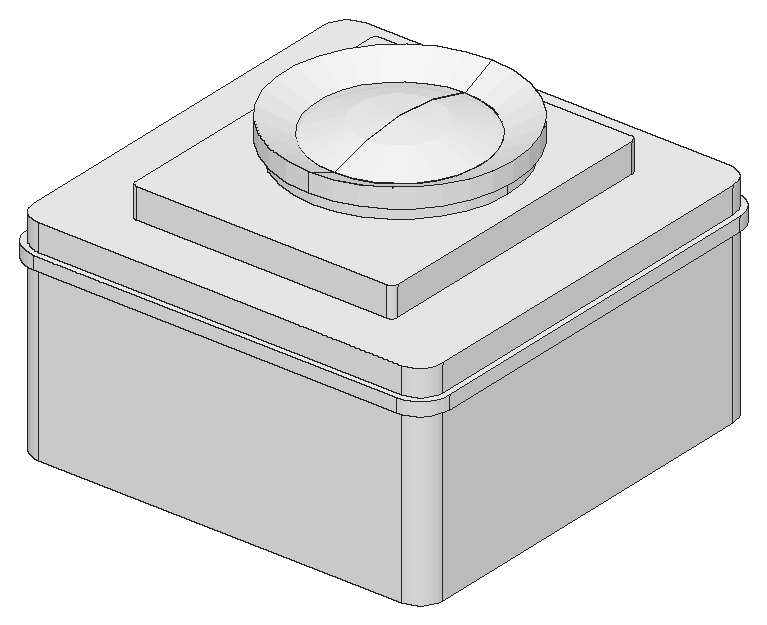
Revit family "Zumtobel basicDIM ILD G2 SFI 20 16DPI", category Lighting Devices, host Face, Revit 2023
Family settings
  Host = Face
  Round Connector Dimension = Use Diameter
  Part Type = Normal
  OmniClass Number = 23.85.80.11.27
  OmniClass Title = Lighting Controls
  Cut with Voids When Loaded = Yes
  Maintain Annotation Orientation = No
  Shared = No
  Room Calculation Point = Yes
Parameters (values of type "basicDIM ILD G2 SFI 20 16DPI WH + Sensor housing ACU 033 IP65 WH")
  Sensor housing ACU 033 IP65 WH = yes
  Material-Housing = ZG-Lighting Fixtures-Plastic-White_RGB 255 255 255
  URL = "https://www.zumtobel.com/com-en/products/basic-dimlite.html?&GUID=373D84C3-5C3E-4741-83BA-8D8CC2FA3E57#Sensor"
  Type Image = basicDIM ILD G2 SFI 20 16DPI WH.jpg
  Type Comments = ""
  Model = "28003393 + 28003393"
  Manufacturer = "Zumtobel Lighting"  # constant formula
  Description = "Motion Sensor"
  Default Elevation = 0 mm
  Offset = if(Sensor housing ACU 033 IP65 WH, 65 mm, 0 mm)  # 65 mm
  Assembly Code = "D5030800"
Types (2, lengths in mm): name | Sensor housing ACU 033 IP65 WH | Model | Offset
  basicDIM ILD G2 SFI 20 16DPI WH | no | "28003393" | 0
  basicDIM ILD G2 SFI 20 16DPI WH + Sensor housing ACU 033 IP65 WH | yes | "28003393 + 28003393" | 65
Reference planes
  plane 1 "Center (Front/Back)": y = 0
  plane 2: z = 0
  plane 3 "Center (Left/Right)": x = 0
  plane 4: z = 65
Forms (mm)
  Extrusion 1, solid, material "ZG-Lighting Fixtures-Plastic-White_RGB 255 255 255" <- "Material-Housing"
    sketch origin (0, 0, 46.596) x (1, 0, 0) y (0, 1, 0)
      loop
        arc (-38.15, 40.5) -> (-39.564, 39.914) -> (-40.15, 38.5) r 2
        line (-40.15, 38.5) -> (-40.15, -50.8)
        arc (-40.15, -50.8) -> (-39.564, -52.214) -> (-38.15, -52.8) r 2
        line (-38.15, -52.8) -> (38.15, -52.8)
        arc (38.15, -52.8) -> (39.564, -52.214) -> (40.15, -50.8) r 2
        line (40.15, -50.8) -> (40.15, 38.5)
        arc (40.15, 38.5) -> (39.564, 39.914) -> (38.15, 40.5) r 2
        line (38.15, 40.5) -> (-38.15, 40.5)
    from 27.404 to 18.404
  Extrusion 2, solid, material "ZG-Lighting Fixtures-Plastic-White_RGB 255 255 255" <- "Material-Housing"
    sketch origin (0, 0, 46.55) x (1, 0, 0) y (0, 1, 0)
      loop
        circle (0, 0) r 33
    from 31.4 to 27.4
  Revolve 3, solid, material "ZG-Lighting Fixtures-Plastic-White_RGB 255 255 255" <- "Material-Housing"
    sketch origin (0, 0, 46.55) x (0, 1, 0) y (0, 0, 1)
      loop
        line (35, 37.3) -> (25, 32.53) -> (25, 31.4) -> (35, 31.4) -> (35, 37.3)
      axis (0, 37.3) -> (0, 31.4)
    angle from 0 to 360
  Revolve 4, solid, material "ZG-Lighting Fixtures-Plastic-Translucent-White_RGB 255 255 255"
    sketch origin (0, 0, 46.55) x (0, 1, 0) y (0, 0, 1)
      loop
        line (25, 31.4) -> (25, 32.53)
        arc (25, 32.53) -> (12.725, 36.097) -> (0, 37.3) r 67.899
        line (0, 37.3) -> (0, 31.4) -> (25, 31.4)
      axis (0, 37.3) -> (0, 31.4)
    angle from 0 to 360
  Extrusion 5, solid, material "ZG-Lighting Fixtures-Plastic-White_RGB 255 255 255" <- "Material-Housing"
    sketch origin (0, 0, 46.55) x (1, 0, 0) y (0, 1, 0)
      loop
        line (-40.15, 40.5) -> (-40.15, -52.8) -> (40.15, -52.8) -> (40.15, 40.5) -> (-40.15, 40.5)
    from 14.95 to 0
  Extrusion 6, solid, material "ZG-Lighting Fixtures-Plastic-White_RGB 255 255 255" <- "Material-Housing"
    sketch origin (0, 0, 46.55) x (1, 0, 0) y (0, 1, 0)
      loop
        line (-35.15, 35.5) -> (-35.15, -47.8) -> (35.15, -47.8) -> (35.15, 35.5) -> (-35.15, 35.5)
    from 14.95 to 18.45
  Extrusion 7, solid, material "ZG-Lighting Fixtures-Plastic-White_RGB 255 255 255" <- "Material-Housing", not visible
    sketch origin (0, 0, 47.226) x (1, 0, 0) y (0, 1, 0)
      loop
        arc (-38.15, 40.5) -> (-39.564, 39.914) -> (-40.15, 38.5) r 2
        line (-40.15, 38.5) -> (-40.15, -50.8)
        arc (-40.15, -50.8) -> (-39.564, -52.214) -> (-38.15, -52.8) r 2
        line (-38.15, -52.8) -> (38.15, -52.8)
        arc (38.15, -52.8) -> (39.564, -52.214) -> (40.15, -50.8) r 2
        line (40.15, -50.8) -> (40.15, 38.5)
        arc (40.15, 38.5) -> (39.564, 39.914) -> (38.15, 40.5) r 2
        line (38.15, 40.5) -> (-38.15, 40.5)
    from 27.404 to 18.404
  Extrusion 8, solid, material "ZG-Lighting Fixtures-Plastic-White_RGB 255 255 255" <- "Material-Housing", not visible
    sketch origin (0, 0, 47.18) x (1, 0, 0) y (0, 1, 0)
      loop
        circle (0, 0) r 33
    from 31.4 to 27.4
  Revolve 9, solid, material "ZG-Lighting Fixtures-Plastic-White_RGB 255 255 255" <- "Material-Housing", not visible
    sketch origin (0, 0, 47.18) x (0, 1, 0) y (0, 0, 1)
      loop
        line (35, 37.3) -> (25, 32.53) -> (25, 31.4) -> (35, 31.4) -> (35, 37.3)
      axis (0, 37.3) -> (0, 31.4)
    angle from 0 to 360
  Revolve 10, solid, material "ZG-Lighting Fixtures-Plastic-Translucent-White_RGB 255 255 255", not visible
    sketch origin (0, 0, 47.18) x (0, 1, 0) y (0, 0, 1)
      loop
        line (25, 31.4) -> (25, 32.53)
        arc (25, 32.53) -> (12.725, 36.097) -> (0, 37.3) r 67.899
        line (0, 37.3) -> (0, 31.4) -> (25, 31.4)
      axis (0, 37.3) -> (0, 31.4)
    angle from 0 to 360
  Extrusion 11, solid, material "ZG-Lighting Fixtures-Plastic-White_RGB 255 255 255" <- "Material-Housing", not visible
    sketch origin (0, 0, 47.18) x (1, 0, 0) y (0, 1, 0)
      loop
        line (-40.15, 40.5) -> (-40.15, -52.8) -> (40.15, -52.8) -> (40.15, 40.5) -> (-40.15, 40.5)
    from 14.95 to 0
  Extrusion 12, solid, material "ZG-Lighting Fixtures-Plastic-White_RGB 255 255 255" <- "Material-Housing", not visible
    sketch origin (0, 0, 47.18) x (1, 0, 0) y (0, 1, 0)
      loop
        line (-35.15, 35.5) -> (-35.15, -47.8) -> (35.15, -47.8) -> (35.15, 35.5) -> (-35.15, 35.5)
    from 14.95 to 18.45
  Extrusion 13, solid, material "ZG-Lighting Fixtures-Plastic-White_RGB 255 255 255" <- "Material-Housing", visible <- "Sensor housing ACU 033 IP65 WH", not visible
    sketch origin (0, 0, -0.63) x (1, 0, 0) y (0, 1, 0)
      loop
        arc (-55.5, 56.35) -> (-60.45, 54.3) -> (-62.5, 49.35) r 7
        line (-62.5, 49.35) -> (-62.5, -61.65)
        arc (-62.5, -61.65) -> (-60.45, -66.6) -> (-55.5, -68.65) r 7
        line (-55.5, -68.65) -> (55.5, -68.65)
        arc (55.5, -68.65) -> (60.45, -66.6) -> (62.5, -61.65) r 7
        line (62.5, -61.65) -> (62.5, 49.35)
        arc (62.5, 49.35) -> (60.45, 54.3) -> (55.5, 56.35) r 7
        line (55.5, 56.35) -> (-55.5, 56.35)
      loop
        arc (-55.5, 54.35) -> (-59.036, 52.886) -> (-60.5, 49.35) r 5
        line (-60.5, 49.35) -> (-60.5, -61.65)
        arc (-60.5, -61.65) -> (-59.036, -65.186) -> (-55.5, -66.65) r 5
        line (-55.5, -66.65) -> (55.5, -66.65)
        arc (55.5, -66.65) -> (59.036, -65.186) -> (60.5, -61.65) r 5
        line (60.5, -61.65) -> (60.5, 49.35)
        arc (60.5, 49.35) -> (59.036, 52.886) -> (55.5, 54.35) r 5
        line (55.5, 54.35) -> (-55.5, 54.35)
    from 0 to 55
  Extrusion 14, solid, material "ZG-Lighting Fixtures-Plastic-White_RGB 255 255 255" <- "Material-Housing", visible <- "Sensor housing ACU 033 IP65 WH", not visible
    sketch origin (0, 0, -0.63) x (1, 0, 0) y (0, 1, 0)
      loop
        line (-60.5, 49.35) -> (-60.5, -61.65)
        arc (-60.5, -61.65) -> (-59.036, -65.186) -> (-55.5, -66.65) r 5
        line (-55.5, -66.65) -> (55.5, -66.65)
        arc (55.5, -66.65) -> (59.036, -65.186) -> (60.5, -61.65) r 5
        line (60.5, -61.65) -> (60.5, 49.35)
        arc (60.5, 49.35) -> (59.036, 52.886) -> (55.5, 54.35) r 5
        line (55.5, 54.35) -> (-55.5, 54.35)
        arc (-55.5, 54.35) -> (-59.036, 52.886) -> (-60.5, 49.35) r 5
    from 0 to 2
  Extrusion 15, solid, material "ZG-Lighting Fixtures-Plastic-White_RGB 255 255 255" <- "Material-Housing", visible <- "Sensor housing ACU 033 IP65 WH", not visible
    sketch origin (0, 0, -0.63) x (1, 0, 0) y (0, 1, 0)
      loop
        arc (-55.5, 56.35) -> (-60.45, 54.3) -> (-62.5, 49.35) r 7
        line (-62.5, 49.35) -> (-62.5, -61.65)
        arc (-62.5, -61.65) -> (-60.45, -66.6) -> (-55.5, -68.65) r 7
        line (-55.5, -68.65) -> (55.5, -68.65)
        arc (55.5, -68.65) -> (60.45, -66.6) -> (62.5, -61.65) r 7
        line (62.5, -61.65) -> (62.5, 49.35)
        arc (62.5, 49.35) -> (60.45, 54.3) -> (55.5, 56.35) r 7
        line (55.5, 56.35) -> (-55.5, 56.35)
      loop
        arc (-55.5, 54.35) -> (-59.036, 52.886) -> (-60.5, 49.35) r 5
        line (-60.5, 49.35) -> (-60.5, -61.65)
        arc (-60.5, -61.65) -> (-59.036, -65.186) -> (-55.5, -66.65) r 5
        line (-55.5, -66.65) -> (55.5, -66.65)
        arc (55.5, -66.65) -> (59.036, -65.186) -> (60.5, -61.65) r 5
        line (60.5, -61.65) -> (60.5, 49.35)
        arc (60.5, 49.35) -> (59.036, 52.886) -> (55.5, 54.35) r 5
        line (55.5, 54.35) -> (-55.5, 54.35)
    from 55 to 65
  Extrusion 16, solid, material "ZG-Lighting Fixtures-Plastic-White_RGB 255 255 255" <- "Material-Housing", visible <- "Sensor housing ACU 033 IP65 WH", not visible
    sketch origin (0, 0, -0.63) x (1, 0, 0) y (0, 1, 0)
      loop
        arc (-55.5, 56.35) -> (-60.45, 54.3) -> (-62.5, 49.35) r 7
        line (-62.5, 49.35) -> (-62.5, -61.65)
        arc (-62.5, -61.65) -> (-60.45, -66.6) -> (-55.5, -68.65) r 7
        line (-55.5, -68.65) -> (55.5, -68.65)
        arc (55.5, -68.65) -> (60.45, -66.6) -> (62.5, -61.65) r 7
        line (62.5, -61.65) -> (62.5, 49.35)
        arc (62.5, 49.35) -> (60.45, 54.3) -> (55.5, 56.35) r 7
        line (55.5, 56.35) -> (-55.5, 56.35)
      loop
        arc (55.5, -70.65) -> (61.864, -68.014) -> (64.5, -61.65) r 9
        line (64.5, -61.65) -> (64.5, 49.35)
        arc (64.5, 49.35) -> (61.864, 55.714) -> (55.5, 58.35) r 9
        line (55.5, 58.35) -> (-55.5, 58.35)
        arc (-55.5, 58.35) -> (-61.864, 55.714) -> (-64.5, 49.35) r 9
        line (-64.5, 49.35) -> (-64.5, -61.65)
        arc (-64.5, -61.65) -> (-61.864, -68.014) -> (-55.5, -70.65) r 9
        line (-55.5, -70.65) -> (55.5, -70.65)
    from 53 to 57
  Extrusion 17, solid, material "ZG-Lighting Fixtures-Plastic-White_RGB 255 255 255" <- "Material-Housing", visible <- "Sensor housing ACU 033 IP65 WH", not visible
    sketch origin (0, 0, -0.63) x (1, 0, 0) y (0, 1, 0)
      loop
        arc (-55.5, 54.35) -> (-59.036, 52.886) -> (-60.5, 49.35) r 5
        line (-60.5, 49.35) -> (-60.5, -61.65)
        arc (-60.5, -61.65) -> (-59.036, -65.186) -> (-55.5, -66.65) r 5
        line (-55.5, -66.65) -> (55.5, -66.65)
        arc (55.5, -66.65) -> (59.036, -65.186) -> (60.5, -61.65) r 5
        line (60.5, -61.65) -> (60.5, 49.35)
        arc (60.5, 49.35) -> (59.036, 52.886) -> (55.5, 54.35) r 5
        line (55.5, 54.35) -> (-55.5, 54.35)
      loop
        line (-35.15, -47.8) -> (35.15, -47.8) -> (35.15, 35.5) -> (-35.15, 35.5) -> (-35.15, -47.8)
    from 63 to 65
  Extrusion 18, solid, material "ZG-Lighting Fixtures-Plastic-White_RGB 255 255 255" <- "Material-Housing", visible <- "Sensor housing ACU 033 IP65 WH"
    sketch origin (0, 0, 0) x (1, 0, 0) y (0, 1, 0)
      loop
        arc (-55.5, 56.35) -> (-60.45, 54.3) -> (-62.5, 49.35) r 7
        line (-62.5, 49.35) -> (-62.5, -61.65)
        arc (-62.5, -61.65) -> (-60.45, -66.6) -> (-55.5, -68.65) r 7
        line (-55.5, -68.65) -> (55.5, -68.65)
        arc (55.5, -68.65) -> (60.45, -66.6) -> (62.5, -61.65) r 7
        line (62.5, -61.65) -> (62.5, 49.35)
        arc (62.5, 49.35) -> (60.45, 54.3) -> (55.5, 56.35) r 7
        line (55.5, 56.35) -> (-55.5, 56.35)
      loop
        arc (-55.5, 54.35) -> (-59.036, 52.886) -> (-60.5, 49.35) r 5
        line (-60.5, 49.35) -> (-60.5, -61.65)
        arc (-60.5, -61.65) -> (-59.036, -65.186) -> (-55.5, -66.65) r 5
        line (-55.5, -66.65) -> (55.5, -66.65)
        arc (55.5, -66.65) -> (59.036, -65.186) -> (60.5, -61.65) r 5
        line (60.5, -61.65) -> (60.5, 49.35)
        arc (60.5, 49.35) -> (59.036, 52.886) -> (55.5, 54.35) r 5
        line (55.5, 54.35) -> (-55.5, 54.35)
    from 0 to 55
  Extrusion 19, solid, material "ZG-Lighting Fixtures-Plastic-White_RGB 255 255 255" <- "Material-Housing", visible <- "Sensor housing ACU 033 IP65 WH"
    sketch origin (0, 0, 0) x (1, 0, 0) y (0, 1, 0)
      loop
        line (-60.5, 49.35) -> (-60.5, -61.65)
        arc (-60.5, -61.65) -> (-59.036, -65.186) -> (-55.5, -66.65) r 5
        line (-55.5, -66.65) -> (55.5, -66.65)
        arc (55.5, -66.65) -> (59.036, -65.186) -> (60.5, -61.65) r 5
        line (60.5, -61.65) -> (60.5, 49.35)
        arc (60.5, 49.35) -> (59.036, 52.886) -> (55.5, 54.35) r 5
        line (55.5, 54.35) -> (-55.5, 54.35)
        arc (-55.5, 54.35) -> (-59.036, 52.886) -> (-60.5, 49.35) r 5
    from 0 to 2
  Extrusion 20, solid, material "ZG-Lighting Fixtures-Plastic-White_RGB 255 255 255" <- "Material-Housing", visible <- "Sensor housing ACU 033 IP65 WH"
    sketch origin (0, 0, 0) x (1, 0, 0) y (0, 1, 0)
      loop
        arc (-55.5, 56.35) -> (-60.45, 54.3) -> (-62.5, 49.35) r 7
        line (-62.5, 49.35) -> (-62.5, -61.65)
        arc (-62.5, -61.65) -> (-60.45, -66.6) -> (-55.5, -68.65) r 7
        line (-55.5, -68.65) -> (55.5, -68.65)
        arc (55.5, -68.65) -> (60.45, -66.6) -> (62.5, -61.65) r 7
        line (62.5, -61.65) -> (62.5, 49.35)
        arc (62.5, 49.35) -> (60.45, 54.3) -> (55.5, 56.35) r 7
        line (55.5, 56.35) -> (-55.5, 56.35)
      loop
        arc (-55.5, 54.35) -> (-59.036, 52.886) -> (-60.5, 49.35) r 5
        line (-60.5, 49.35) -> (-60.5, -61.65)
        arc (-60.5, -61.65) -> (-59.036, -65.186) -> (-55.5, -66.65) r 5
        line (-55.5, -66.65) -> (55.5, -66.65)
        arc (55.5, -66.65) -> (59.036, -65.186) -> (60.5, -61.65) r 5
        line (60.5, -61.65) -> (60.5, 49.35)
        arc (60.5, 49.35) -> (59.036, 52.886) -> (55.5, 54.35) r 5
        line (55.5, 54.35) -> (-55.5, 54.35)
    from 55 to 65
  Extrusion 21, solid, material "ZG-Lighting Fixtures-Plastic-White_RGB 255 255 255" <- "Material-Housing", visible <- "Sensor housing ACU 033 IP65 WH"
    sketch origin (0, 0, 0) x (1, 0, 0) y (0, 1, 0)
      loop
        arc (-55.5, 56.35) -> (-60.45, 54.3) -> (-62.5, 49.35) r 7
        line (-62.5, 49.35) -> (-62.5, -61.65)
        arc (-62.5, -61.65) -> (-60.45, -66.6) -> (-55.5, -68.65) r 7
        line (-55.5, -68.65) -> (55.5, -68.65)
        arc (55.5, -68.65) -> (60.45, -66.6) -> (62.5, -61.65) r 7
        line (62.5, -61.65) -> (62.5, 49.35)
        arc (62.5, 49.35) -> (60.45, 54.3) -> (55.5, 56.35) r 7
        line (55.5, 56.35) -> (-55.5, 56.35)
      loop
        arc (55.5, -70.65) -> (61.864, -68.014) -> (64.5, -61.65) r 9
        line (64.5, -61.65) -> (64.5, 49.35)
        arc (64.5, 49.35) -> (61.864, 55.714) -> (55.5, 58.35) r 9
        line (55.5, 58.35) -> (-55.5, 58.35)
        arc (-55.5, 58.35) -> (-61.864, 55.714) -> (-64.5, 49.35) r 9
        line (-64.5, 49.35) -> (-64.5, -61.65)
        arc (-64.5, -61.65) -> (-61.864, -68.014) -> (-55.5, -70.65) r 9
        line (-55.5, -70.65) -> (55.5, -70.65)
    from 53 to 57
  Extrusion 22, solid, material "ZG-Lighting Fixtures-Plastic-White_RGB 255 255 255" <- "Material-Housing", visible <- "Sensor housing ACU 033 IP65 WH"
    sketch origin (0, 0, 0) x (1, 0, 0) y (0, 1, 0)
      loop
        arc (-55.5, 54.35) -> (-59.036, 52.886) -> (-60.5, 49.35) r 5
        line (-60.5, 49.35) -> (-60.5, -61.65)
        arc (-60.5, -61.65) -> (-59.036, -65.186) -> (-55.5, -66.65) r 5
        line (-55.5, -66.65) -> (55.5, -66.65)
        arc (55.5, -66.65) -> (59.036, -65.186) -> (60.5, -61.65) r 5
        line (60.5, -61.65) -> (60.5, 49.35)
        arc (60.5, 49.35) -> (59.036, 52.886) -> (55.5, 54.35) r 5
        line (55.5, 54.35) -> (-55.5, 54.35)
      loop
        line (-35.15, -47.8) -> (35.15, -47.8) -> (35.15, 35.5) -> (-35.15, 35.5) -> (-35.15, -47.8)
    from 63 to 65
Cuts and joins
  joined: Extrusion 20, Extrusion 21, Extrusion 22
Lines and regions (mm)
  Filled region 1, type "White", visible <- "Sensor housing ACU 033 IP65 WH"
    outline origin (0, 0, 0) x (1, 0, 0) y (0, 1, 0)
      loop
        line (-62.5, 49.35) -> (-62.5, -61.65)
        arc (-62.5, -61.65) -> (-60.45, -66.6) -> (-55.5, -68.65) r 7
        line (-55.5, -68.65) -> (55.5, -68.65)
        arc (55.5, -68.65) -> (60.45, -66.6) -> (62.5, -61.65) r 7
        line (62.5, -61.65) -> (62.5, 49.35)
        arc (62.5, 49.35) -> (60.45, 54.3) -> (55.5, 56.35) r 7
        line (55.5, 56.35) -> (-55.5, 56.35)
        arc (-55.5, 56.35) -> (-60.45, 54.3) -> (-62.5, 49.35) r 7
      loop
        line (-40.15, 40.5) -> (-40.15, -52.8) -> (40.15, -52.8) -> (40.15, 40.5) -> (-40.15, 40.5)
  Filled region 2, type "White"
    outline origin (0, 0, 0) x (1, 0, 0) y (0, 1, 0)
      loop
        line (-40.15, 40.5) -> (-40.15, -52.8) -> (40.15, -52.8) -> (40.15, 40.5) -> (-40.15, 40.5)
      loop
        circle (0, 0) r 35
  Filled region 3, type "White"
    outline origin (0, 0, 0) x (1, 0, 0) y (0, 1, 0)
      loop
        circle (0, 0) r 35
  model lines, style "InvisibleLines"
    curve 1: line (-150, 0, 0) -> (150, 0, 0)
    curve 2: line (0, 150, 0) -> (0, -150, 0)
  symbolic lines, visible <- "Sensor housing ACU 033 IP65 WH"
    curve 3: line (-62.5, 49.35, 0) -> (-62.5, -61.65, 0)
    curve 4: arc (-55.5, 56.35, 0) -> (-60.45, 54.3, 0) -> (-62.5, 49.35, 0) r 7
    curve 5: line (55.5, 56.35, 0) -> (-55.5, 56.35, 0)
    curve 6: arc (62.5, 49.35, 0) -> (60.45, 54.3, 0) -> (55.5, 56.35, 0) r 7
    curve 7: line (62.5, -61.65, 0) -> (62.5, 49.35, 0)
    curve 8: arc (55.5, -68.65, 0) -> (60.45, -66.6, 0) -> (62.5, -61.65, 0) r 7
    curve 9: line (-55.5, -68.65, 0) -> (55.5, -68.65, 0)
    curve 10: arc (-62.5, -61.65, 0) -> (-60.45, -66.6, 0) -> (-55.5, -68.65, 0) r 7
  symbolic lines
    curve 11: line (-40.15, 40.5, 0) -> (-40.15, -52.8, 0)
    curve 12: line (40.15, 40.5, 0) -> (-40.15, 40.5, 0)
    curve 13: line (40.15, -52.8, 0) -> (40.15, 40.5, 0)
    curve 14: line (-40.15, -52.8, 0) -> (40.15, -52.8, 0)
    curve 15: arc (0, 35, 0) -> (-35, 0, 0) -> (0, -35, 0) r 35
    curve 16: arc (0, -35, 0) -> (35, 0, 0) -> (0, 35, 0) r 35
Dimensions and locks
  Revolve 3 sketch curve to Revolve 3 sketch curve = 35 mm
  "Offset": plane 4 to level
  Revolve 9 sketch curve to Revolve 9 sketch curve = 35 mm
  aligned and locked: plane 2 to host face
  aligned and locked: level to host face
  aligned and locked: plane 4 to Extrusion 1
  aligned and locked: Extrusion 18 to host face
  aligned and locked: curve 2 to plane 3 "Center (Left/Right)"
  aligned and locked: plane 1 "Center (Front/Back)" to curve 1
Automatic sketch dimensions
  host sketch curve to host sketch curve = 2438.4 mm  (x2)
  Extrusion 1 sketch curve to Extrusion 1 sketch curve = 2 mm  (x3)
  Extrusion 1 sketch curve to Extrusion 1 sketch curve = 76.3 mm  (x2)
  Extrusion 1 sketch curve to Extrusion 1 sketch curve = 89.3 mm
  Revolve 3 sketch curve to Revolve 3 sketch curve = 10 mm
  Revolve 3 sketch curve to Revolve 3 sketch curve = 1.13 mm
  Revolve 3 sketch curve to Revolve 3 sketch curve = 5.9 mm
  Revolve 3 sketch curve to Revolve 3 sketch curve = 552.392 mm
  Revolve 3 sketch curve to Revolve 3 sketch curve = 2704.174 mm
  Revolve 4 sketch curve to Revolve 4 sketch curve = 25 mm
  Revolve 4 sketch curve to Revolve 4 sketch curve = 61.999 mm
  Revolve 4 sketch curve to Revolve 4 sketch curve = 1.13 mm
  Revolve 4 sketch curve to Revolve 4 sketch curve = 0 mm
  Revolve 4 sketch curve to Revolve 4 sketch curve = 490.393 mm
  Revolve 4 sketch curve to Revolve 4 sketch curve = 2704.174 mm
  Extrusion 5 sketch curve to Extrusion 5 sketch curve = 80.3 mm
  Extrusion 5 sketch curve to Extrusion 5 sketch curve = 93.3 mm
  Extrusion 6 sketch curve to Extrusion 6 sketch curve = 70.3 mm
  Extrusion 6 sketch curve to Extrusion 6 sketch curve = 83.3 mm
  Extrusion 7 sketch curve to Extrusion 7 sketch curve = 2 mm  (x3)
  Extrusion 7 sketch curve to Extrusion 7 sketch curve = 76.3 mm  (x2)
  Extrusion 7 sketch curve to Extrusion 7 sketch curve = 89.3 mm
  Revolve 9 sketch curve to Revolve 9 sketch curve = 10 mm
  Revolve 9 sketch curve to Revolve 9 sketch curve = 1.13 mm
  Revolve 9 sketch curve to Revolve 9 sketch curve = 5.9 mm
  Revolve 9 sketch curve to Revolve 9 sketch curve = 552.392 mm
  Revolve 9 sketch curve to Revolve 9 sketch curve = 2704.174 mm
  Revolve 10 sketch curve to Revolve 10 sketch curve = 25 mm
  Revolve 10 sketch curve to Revolve 10 sketch curve = 61.999 mm
  Revolve 10 sketch curve to Revolve 10 sketch curve = 1.13 mm
  Revolve 10 sketch curve to Revolve 10 sketch curve = 0 mm
  Revolve 10 sketch curve to Revolve 10 sketch curve = 490.393 mm
  Revolve 10 sketch curve to Revolve 10 sketch curve = 2704.174 mm
  Extrusion 11 sketch curve to Extrusion 11 sketch curve = 80.3 mm
  Extrusion 11 sketch curve to Extrusion 11 sketch curve = 93.3 mm
  Extrusion 12 sketch curve to Extrusion 12 sketch curve = 70.3 mm
  Extrusion 12 sketch curve to Extrusion 12 sketch curve = 83.3 mm
  Extrusion 13 sketch curve to Extrusion 13 sketch curve = 0 mm  (x16)
  Extrusion 13 sketch curve to Extrusion 13 sketch curve = 2 mm
  Extrusion 13 sketch curve to Extrusion 13 sketch curve = 5 mm  (x3)
  Extrusion 14 sketch curve to Extrusion 14 sketch curve = 5 mm  (x4)
  Extrusion 15 sketch curve to Extrusion 15 sketch curve = 0 mm  (x16)
  Extrusion 15 sketch curve to Extrusion 15 sketch curve = 2 mm
  Extrusion 15 sketch curve to Extrusion 15 sketch curve = 5 mm  (x3)
  Extrusion 16 sketch curve to Extrusion 16 sketch curve = 0 mm  (x15)
  Extrusion 16 sketch curve to Extrusion 16 sketch curve = 7 mm  (x4)
  Extrusion 17 sketch curve to Extrusion 17 sketch curve = 5 mm  (x3)
  Extrusion 17 sketch curve to Extrusion 17 sketch curve = 20.35 mm  (x3)
  Extrusion 13 sketch curve to Extrusion 13 sketch curve = 111 mm  (x2)
  Extrusion 14 sketch curve to Extrusion 14 sketch curve = 111 mm  (x2)
  Extrusion 15 sketch curve to Extrusion 15 sketch curve = 111 mm  (x2)
  Extrusion 16 sketch curve to Extrusion 16 sketch curve = 2 mm
  Extrusion 16 sketch curve to Extrusion 16 sketch curve = 111 mm  (x2)
  Extrusion 17 sketch curve to Extrusion 17 sketch curve = 70.3 mm
  Extrusion 17 sketch curve to Extrusion 17 sketch curve = 13.85 mm  (x2)
  Extrusion 17 sketch curve to Extrusion 17 sketch curve = 83.3 mm
  Extrusion 18 sketch curve to Extrusion 18 sketch curve = 0 mm  (x16)
  Extrusion 18 sketch curve to Extrusion 18 sketch curve = 2 mm
  Extrusion 18 sketch curve to Extrusion 18 sketch curve = 5 mm  (x3)
  Extrusion 19 sketch curve to Extrusion 19 sketch curve = 5 mm  (x4)
  Extrusion 20 sketch curve to Extrusion 20 sketch curve = 0 mm  (x16)
  Extrusion 20 sketch curve to Extrusion 20 sketch curve = 2 mm
  Extrusion 20 sketch curve to Extrusion 20 sketch curve = 5 mm  (x3)
  Extrusion 21 sketch curve to Extrusion 21 sketch curve = 0 mm  (x15)
  Extrusion 21 sketch curve to Extrusion 21 sketch curve = 7 mm  (x4)
  Extrusion 22 sketch curve to Extrusion 22 sketch curve = 5 mm  (x3)
  Extrusion 22 sketch curve to Extrusion 22 sketch curve = 20.35 mm  (x3)
  Extrusion 18 sketch curve to Extrusion 18 sketch curve = 111 mm  (x2)
  Extrusion 19 sketch curve to Extrusion 19 sketch curve = 111 mm  (x2)
  Extrusion 20 sketch curve to Extrusion 20 sketch curve = 111 mm  (x2)
  Extrusion 21 sketch curve to Extrusion 21 sketch curve = 2 mm
  Extrusion 21 sketch curve to Extrusion 21 sketch curve = 111 mm  (x2)
  Extrusion 22 sketch curve to Extrusion 22 sketch curve = 70.3 mm
  Extrusion 22 sketch curve to Extrusion 22 sketch curve = 13.85 mm  (x2)
  Extrusion 22 sketch curve to Extrusion 22 sketch curve = 83.3 mm
  plane 1 "Center (Front/Back)" to curve 2 = 150 mm
  curve 1 to plane 3 "Center (Left/Right)" = 150 mm
  plane 3 "Center (Left/Right)" to curve 1 = 150 mm
  curve 2 to plane 1 "Center (Front/Back)" = 150 mm
  curve 3 to plane 3 "Center (Left/Right)" = 62.5 mm
  curve 3 to curve 4 = 7 mm
  curve 3 to plane 1 "Center (Front/Back)" = 49.35 mm
  plane 1 "Center (Front/Back)" to curve 3 = 61.65 mm
  plane 3 "Center (Left/Right)" to curve 5 = 55.5 mm
  curve 6 to curve 5 = 7 mm
  curve 8 to curve 7 = 7 mm
  curve 3 to curve 9 = 7 mm
  curve 4 to curve 11 = 15.35 mm
  curve 12 to curve 4 = 8.85 mm
  curve 12 to curve 6 = 15.35 mm
  curve 10 to curve 11 = 8.85 mm
  plane 1 "Center (Front/Back)" to curve 15 = 0 mm
  plane 1 "Center (Front/Back)" to curve 15 = 35 mm
  curve 15 to curve 16 = 0 mm
  curve 16 to curve 15 = 0 mm
  Filled region 1 sketch curve to plane 3 "Center (Left/Right)" = 62.5 mm
  Filled region 1 sketch curve to Filled region 1 sketch curve = 7 mm  (x4)
  Filled region 1 sketch curve to plane 1 "Center (Front/Back)" = 49.35 mm
  plane 1 "Center (Front/Back)" to Filled region 1 sketch curve = 61.65 mm
  plane 3 "Center (Left/Right)" to Filled region 1 sketch curve = 55.5 mm
  Filled region 1 sketch curve to Filled region 1 sketch curve = 15.35 mm  (x2)
  Filled region 1 sketch curve to Filled region 1 sketch curve = 8.85 mm  (x2)
  Filled region 2 sketch curve to plane 3 "Center (Left/Right)" = 40.15 mm
  Filled region 2 sketch curve to plane 1 "Center (Front/Back)" = 40.5 mm
  plane 3 "Center (Left/Right)" to Filled region 2 sketch curve = 40.15 mm
  plane 1 "Center (Front/Back)" to Filled region 2 sketch curve = 52.8 mm
  Filled region 2 sketch curve to Filled region 2 sketch curve = 0 mm  (x2)
  Filled region 2 sketch curve to plane 3 "Center (Left/Right)" = 0 mm
  plane 1 "Center (Front/Back)" to Filled region 2 sketch curve = 0 mm
  plane 1 "Center (Front/Back)" to Filled region 2 sketch curve = 35 mm
  Filled region 3 sketch curve to Filled region 3 sketch curve = 0 mm  (x2)
  Filled region 3 sketch curve to plane 3 "Center (Left/Right)" = 0 mm
  plane 1 "Center (Front/Back)" to Filled region 3 sketch curve = 0 mm
  plane 1 "Center (Front/Back)" to Filled region 3 sketch curve = 35 mm
  radius of Extrusion 2 sketch curve = 33 mm
  radius of Extrusion 8 sketch curve = 33 mm
Connectors
  electrical at (0, 0, 0)
    settings: index 1, voltage 230 V, apparent load 2 VA, apparent load phase1 0 VA, apparent load phase2 0 VA, apparent load phase3 0 VA, power factor 1, load classification "Lighting", number of poles 1, system type 30, power factor state 1, is connector primary yes, connector utility no, sub classification motor no, connector description ""
